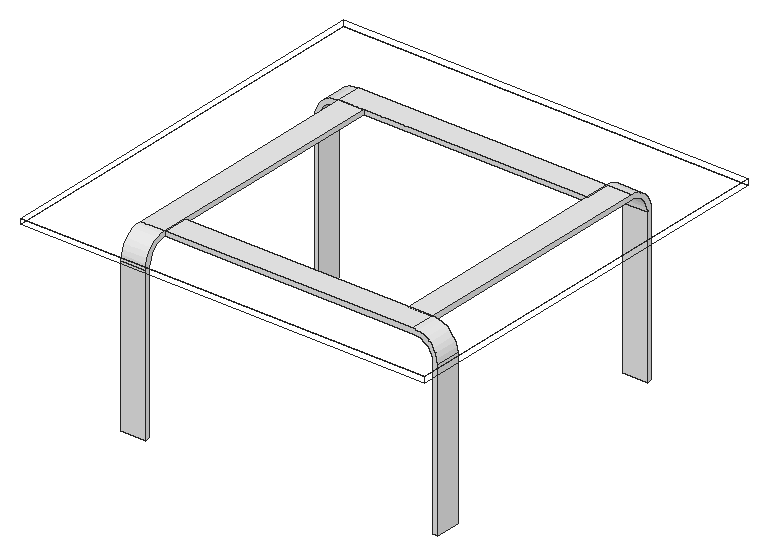
Revit family "Table-Coffee-Teknion-STTSQ_Spectrum-R2012", category Furniture, Revit 2013
Parameters (values of type "15" High")
  Width = 83.82 cm  # constant formula
  Warranty = "http://www.teknionstudio.com/pdfs/Teknion%20Studio%20Warranty.pdf"
  Unit Weight = 0.00 lbf
  URL = "www.teknionstudio.com"
  Surface and Edge Trim Finish [instance] = Glass - Teknion - G - Clear Flat Edge
  Series = "Teknion Studio"
  Salvage or Reuse = yes
  Product Page URL = "http://teknionstudio.com/spectrum_tables/"
  Product Line = "Spectrum"  # constant formula
  Product Documentation Link = "http://www.teknionstudio.com/pricing/STTSQ_ppg.pdf"
  Percentage of Recycled Content = 0
  Part Number = "STTSQ"  # constant formula
  Model = "STTSQA"
  Manufacturer Phone = "919-464-2920"  # constant formula
  Manufacturer Fax = "919-464-2927"  # constant formula
  Manufacturer Email = "mailto:customersupport@teknionstudio.com"
  Manufacturer Address = "3940 US 70 Business HWY West, Clayton, NC 27520"  # constant formula
  Manufacturer = "Teknion Studio"  # constant formula
  Low Emitting Material = yes
  Low Emitting Finish = yes
  Height = 38.1 cm  # constant formula
  Frame Finish [instance] = Metal - Teknion - C6 - Chrome
  Description = "Spectrum Square Table, 15\" (38cm) High"
  Depth = 83.82 cm  # constant formula
  Assembly Code = "E2020200"
Reference planes (cm)
  plane 1 "Center F/B": y = 0
  plane 2: z = 0
  plane 3 "Center L/R": x = 0
  plane 4 "Left": x = -41.91
  plane 5 "Right": x = 41.91
  plane 6 "Back": y = 41.91
  plane 7 "Front": y = -41.91
  plane 8 "Top": z = 38.1
  plane 9: z = 36.83
  plane 10: x = -32.7779
  plane 11: x = -31.8254
  plane 12: x = -27.6978
  plane 13: x = -22.6178
  plane 14: z = 35.7206
  plane 15: x = 23.7372
  plane 16: x = 28.8172
  plane 17: x = 32.9446
  plane 18: x = 33.8971
  plane 19: y = -33.6095
  plane 20: y = -32.657
  plane 21: y = -28.5295
  plane 22: y = -23.4495
  plane 23: y = 22.9055
  plane 24: y = 27.9855
  plane 25: y = 32.113
  plane 26: y = 33.0655
  plane 27: z = 31.5931
Forms (cm)
  Extrusion 1, solid, material "Glass - Teknion - G - Clear Flat Edge" <- "Surface and Edge Trim Finish"
    sketch origin (0, 0, 0) x (1, 0, 0) y (0, 1, 0)
      loop
        line (-41.91, 41.91) -> (-41.91, -41.91) -> (41.91, -41.91) -> (41.91, 41.91) -> (-41.91, 41.91)
    from 36.83 to 38.1
  Extrusion 2, solid, material "Metal - Teknion - C6 - Chrome" <- "Frame Finish"
    sketch origin (0, 0, 0) x (0, 1, 0) y (0, 0, 1)
      loop
        line (33.0655, 0) -> (33.0655, 31.5931)
        arc (33.0655, 31.5931) -> (31.5776, 35.1852) -> (27.9855, 36.6731) r 5.08
        line (27.9855, 36.6731) -> (-23.4495, 36.6731) -> (-23.4495, 35.7206) -> (27.9855, 35.7206)
        arc (27.9855, 35.7206) -> (30.9041, 34.5117) -> (32.113, 31.5931) r 4.1275
        line (32.113, 31.5931) -> (32.113, 0) -> (33.0655, 0)
    from 23.7372 to 28.8172
  Extrusion 3, solid, material "Metal - Teknion - C6 - Chrome" <- "Frame Finish"
    sketch origin (0, 0, 0) x (0, 1, 0) y (0, 0, 1)
      loop
        line (-33.6095, 31.5931) -> (-33.6095, 0) -> (-32.6562, 0) -> (-32.6562, 31.5931)
        arc (-32.6562, 31.5931) -> (-31.4475, 34.5111) -> (-28.5295, 35.7198) r 4.1267
        line (-28.5295, 35.7198) -> (22.9055, 35.7198) -> (22.9055, 36.671) -> (-28.5295, 36.671)
        arc (-28.5295, 36.671) -> (-32.1201, 35.1837) -> (-33.6095, 31.5931) r 5.0779
    from -27.6978 to -22.6178
  Extrusion 4, solid, material "Metal - Teknion - C6 - Chrome" <- "Frame Finish"
    sketch origin (0, 0, 0) x (1, 0, 0) y (0, 0, 1)
      loop
        line (-27.6978, 35.7206) -> (23.7372, 35.7206) -> (23.7372, 36.6731) -> (-27.6978, 36.6731)
        arc (-27.6978, 36.6731) -> (-31.29, 35.1852) -> (-32.7779, 31.5931) r 5.08
        line (-32.7779, 31.5931) -> (-32.7779, 0) -> (-31.8254, 0) -> (-31.8254, 31.5931)
        arc (-31.8254, 31.5931) -> (-30.6164, 34.5117) -> (-27.6978, 35.7206) r 4.1275
    from -27.9855 to -22.9055
  Extrusion 5, solid, material "Metal - Teknion - C6 - Chrome" <- "Frame Finish"
    sketch origin (0, 0, 0) x (1, 0, 0) y (0, 0, 1)
      loop
        line (28.8172, 36.6731) -> (-22.6178, 36.6731) -> (-22.6178, 35.7206) -> (28.8172, 35.7206)
        arc (28.8172, 35.7206) -> (31.7357, 34.5117) -> (32.9446, 31.5931) r 4.1275
        line (32.9446, 31.5931) -> (32.9446, 0) -> (33.8971, 0) -> (33.8971, 31.5931)
        arc (33.8971, 31.5931) -> (32.4093, 35.1852) -> (28.8172, 36.6731) r 5.08
    from 23.4495 to 28.5295
Lines and regions (cm)
  Masking region 1
    outline origin (0, 0, 38.1) x (-1, 0, 0) y (0, -1, 0)
      loop
        line (41.91, -41.91) -> (41.91, 41.91) -> (-41.91, 41.91) -> (-41.91, -41.91) -> (41.91, -41.91)
  Masking region 2
    outline origin (0, 0, 0) x (1, 0, 0) y (0, 0, 1)
      loop
        line (-41.91, 38.1) -> (-41.91, 36.83) -> (41.91, 36.83) -> (41.91, 38.1) -> (-41.91, 38.1)
  Masking region 3
    outline origin (0, 0, 0) x (0, 1, 0) y (0, 0, 1)
      loop
        line (41.91, 36.83) -> (41.91, 38.1) -> (-41.91, 38.1) -> (-41.91, 36.83) -> (41.91, 36.83)
  symbolic lines, style "Hidden Lines", detail levels medium+fine
    curve 1: line (-27.6978, 22.9055, 38.1) -> (-27.6978, -33.6095, 38.1)
    curve 2: line (-27.6978, -33.6095, 38.1) -> (-22.6178, -33.6095, 38.1)
    curve 3: line (-22.6178, -33.6095, 38.1) -> (-22.6178, 22.9055, 38.1)
    curve 4: line (-32.7779, 22.9055, 38.1) -> (23.7372, 22.9055, 38.1)
    curve 5: line (-32.7779, 27.9855, 38.1) -> (23.7372, 27.9855, 38.1)
    curve 6: line (-32.7779, 22.9055, 38.1) -> (-32.7779, 27.9855, 38.1)
    curve 7: line (33.8971, -23.4495, 38.1) -> (-22.6178, -23.4495, 38.1)
    curve 8: line (33.8971, -28.5295, 38.1) -> (-22.6178, -28.5295, 38.1)
    curve 9: line (33.8971, -23.4495, 38.1) -> (33.8971, -28.5295, 38.1)
    curve 10: line (28.8172, -23.4495, 38.1) -> (28.8172, 33.0655, 38.1)
    curve 11: line (28.8172, 33.0655, 38.1) -> (23.7372, 33.0655, 38.1)
    curve 12: line (23.7372, 33.0655, 38.1) -> (23.7372, -23.4495, 38.1)
Dimensions and locks (cm)
  "Height": plane 8 "Top" to level
  equal spacing: plane 4 "Left", plane 3 "Center L/R", plane 5 "Right"
  "Width": plane 4 "Left" to plane 5 "Right"
  equal spacing: plane 6 "Back", plane 1 "Center F/B", plane 7 "Front"
  "Depth": plane 6 "Back" to plane 7 "Front"
  locked: plane 8 "Top" to plane 9 at 1.27
  locked: plane 10 to plane 11 at 0.9525
  locked: plane 18 to plane 17 at 0.9525
  locked: plane 16 to plane 15 at 5.08
  locked: plane 12 to plane 13 at 5.08
  locked: plane 3 "Center L/R" to plane 10 at 32.7779
  locked: plane 18 to plane 3 "Center L/R" at 33.8971
  locked: plane 3 "Center L/R" to plane 12 at 27.6978
  locked: plane 16 to plane 3 "Center L/R" at 28.8172
  locked: plane 9 to plane 14 at 1.1094
  locked: plane 19 to plane 20 at 0.9525
  locked: plane 21 to plane 22 at 5.08
  locked: plane 23 to plane 24 at 5.08
  locked: plane 25 to plane 26 at 0.9525
  locked: plane 27 to plane 9 at 5.2369
  level to Extrusion 4 = 36.6731 cm
  radius of Extrusion 2 sketch curve = 5.08 cm
  radius of Extrusion 2 sketch curve = 4.1275 cm
  radius of Extrusion 3 sketch curve = 4.1267 cm
  radius of Extrusion 3 sketch curve = 5.0779 cm
  radius of Extrusion 4 sketch curve = 4.1275 cm
  radius of Extrusion 4 sketch curve = 5.08 cm
  radius of Extrusion 5 sketch curve = 4.1275 cm
  radius of Extrusion 5 sketch curve = 5.08 cm
  aligned and locked: level to plane 2
  aligned and locked: Extrusion 1 to plane 9
  aligned and locked: plane 8 "Top" to Extrusion 1
  aligned and locked: Masking region 2 sketch curve to plane 8 "Top"
  aligned and locked: Masking region 2 sketch curve to plane 9
  aligned and locked: Masking region 2 sketch curve to plane 5 "Right"
  aligned and locked: Masking region 2 sketch curve to plane 4 "Left"
  aligned and locked: plane 6 "Back" to Masking region 3 sketch curve
  aligned and locked: plane 7 "Front" to Masking region 3 sketch curve
  aligned and locked: plane 8 "Top" to Masking region 3 sketch curve
  aligned and locked: plane 9 to Masking region 3 sketch curve
  aligned and locked: Extrusion 1 sketch curve to plane 6 "Back"
  aligned and locked: plane 4 "Left" to Extrusion 1 sketch curve
  aligned and locked: Extrusion 1 sketch curve to plane 7 "Front"
  aligned and locked: Extrusion 1 sketch curve to plane 5 "Right"
  aligned and locked: Masking region 1 sketch curve to Extrusion 1  (x4)
  aligned and locked: plane 24 to Extrusion 2 sketch curve  (x2)
  aligned and locked: plane 27 to Extrusion 2 sketch curve  (x2)
  aligned and locked: plane 22 to Extrusion 2 sketch curve
  aligned and locked: plane 14 to Extrusion 2 sketch curve
  aligned and locked: Extrusion 2 sketch curve to plane 25
  aligned and locked: plane 26 to Extrusion 2 sketch curve
  aligned and locked: Extrusion 2 sketch curve to level
  aligned: Extrusion 2 to plane 12
  aligned: Extrusion 2 to plane 13
  aligned and locked: plane 27 to Extrusion 3 sketch curve  (x2)
  aligned and locked: plane 21 to Extrusion 3 sketch curve  (x2)
  aligned and locked: plane 19 to Extrusion 3 sketch curve
  aligned and locked: Extrusion 3 sketch curve to level
  aligned and locked: plane 23 to Extrusion 3 sketch curve
  aligned and locked: plane 10 to Extrusion 4 sketch curve
  aligned and locked: plane 11 to Extrusion 4 sketch curve
  aligned and locked: Extrusion 4 sketch curve to level
  aligned and locked: plane 14 to Extrusion 4 sketch curve
  aligned and locked: Extrusion 4 sketch curve to plane 15
  aligned and locked: plane 12 to Extrusion 4 sketch curve  (x2)
  aligned and locked: plane 27 to Extrusion 4 sketch curve  (x2)
  aligned: Extrusion 4 to plane 22
  aligned: Extrusion 4 to plane 21
  aligned and locked: plane 16 to Extrusion 5 sketch curve  (x2)
  aligned and locked: plane 27 to Extrusion 5 sketch curve  (x2)
  aligned and locked: plane 14 to Extrusion 5 sketch curve
  aligned and locked: plane 17 to Extrusion 5 sketch curve
  aligned and locked: plane 18 to Extrusion 5 sketch curve
  aligned and locked: Extrusion 5 sketch curve to level
  aligned and locked: plane 13 to Extrusion 5 sketch curve
  aligned: plane 24 to Extrusion 5
  aligned: Extrusion 5 to plane 23
  aligned and locked: plane 24 to Extrusion 4
  aligned and locked: Extrusion 4 to plane 23
  aligned and locked: Extrusion 5 to plane 21
  aligned and locked: Extrusion 5 to plane 22
  aligned and locked: plane 16 to Extrusion 2
  aligned and locked: plane 15 to Extrusion 2
  aligned: Extrusion 3 to plane 12  (x2)
  aligned: Extrusion 3 to plane 13
  aligned and locked: Extrusion 3 to plane 12
  aligned and locked: Extrusion 3 to plane 13
  aligned and locked: plane 23 to curve 6
  aligned and locked: plane 15 to curve 5
  aligned and locked: curve 5 to plane 24
  aligned and locked: plane 10 to curve 4
  aligned and locked: plane 19 to curve 2
  aligned and locked: curve 3 to plane 13
  aligned and locked: curve 1 to plane 12
  aligned and locked: plane 23 to curve 1
  aligned and locked: plane 26 to curve 11
  aligned and locked: plane 15 to curve 12
  aligned and locked: plane 16 to curve 10
  aligned and locked: plane 21 to curve 8
  aligned and locked: curve 7 to plane 22
  aligned and locked: curve 9 to plane 18
  aligned and locked: plane 22 to curve 10
  aligned and locked: curve 3 to curve 7
Automatic sketch dimensions
  plane 27 to Extrusion 3 sketch curve = 0 cm
  Extrusion 2 sketch curve to plane 24 = 0 cm
  Extrusion 4 sketch curve to plane 12 = 0 cm  (x2)
  Extrusion 4 sketch curve to plane 9 = 0.1569 cm
  Extrusion 5 sketch curve to plane 16 = 0 cm  (x2)
  Extrusion 5 sketch curve to plane 9 = 0.1569 cm
